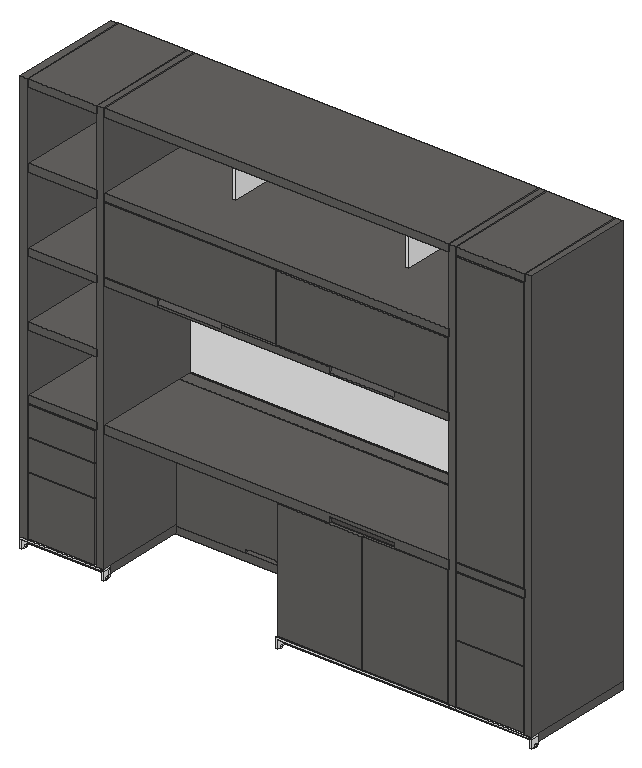
Revit family "Storage-Wall-Teknion-ZXOS_90_High_With_Lights-R2011", category Furniture Systems, Revit 2013
Parameters (values of type "(See Type Catalog)")
  Working Wall Finish [instance] = Glass - Teknion - K6 - White Backpainted
  Width = 108 105/128"
  Warranty = "http://www.teknionstudio.com/pdfs/Teknion%20Studio%20Warranty.pdf"
  Wall Unit Finish [instance] = Veneer - Teknion - P7 - Grey Oak
  Voltage = 120 V
  Unit Weight = 820.00 lbf
  URL = "www.teknionstudio.com"
  Tabletop Cutout Offset = if(Has Double Doors, 0", 4")  # 0"
  Right Storage Tower = Storage-Unit-Teknion-Tower : Upper Wardrobe & File/File Pedestal
  Left Storage Tower = Storage-Unit-Teknion-Tower : Upper Shelves & Box/Box/File Pedestal
  Series = "B&B Italia"
  Product Page URL = "http://www.teknionstudio.com/acexecutive/"
  Product Line = "AC Executive"
  Product Documentation Link = "http://www.teknionstudio.com/pricing/ac_executive_storage_walls_ppg.pdf"
  Power Factor = 1
  Part Number = "ZXOS"
  Number of Poles = 1
  Model = ""
  Manufacturer Phone = "919-464-2920"
  Manufacturer Fax = "919-464-2927"
  Manufacturer Email = "customersupport@teknionstudio.com"
  Manufacturer Address = "3940 US 70 Business HWY West, Clayton, NC 27520"
  Manufacturer = "Teknion Studio"  # constant formula
  Low Emitting Material = yes
  Low Emitting Finish = yes
  Height = 89 123/128"
  Has File File Drawers = not(Has Double Doors)  # no
  Has Double Doors = yes
  Description = ""
  Depth = 24"
  Assembly Code = "E2020200"
  Apparent Load = 22.8 VA
Reference planes (in)
  plane 1 "Center F/B": y = 0
  plane 2: z = 0
  plane 3 "Back": y = 12
  plane 4 "Front": y = -12
  plane 5 "Doors Top": z = 73.80469
  plane 6: x = 28.60504
  plane 7: z = 29.68402
  plane 8: z = 56.1289
  plane 9: x = -44.78207
  plane 10: z = 2.1289
  plane 11 "Center L/R": x = -8.08858
  plane 12 "Foot Centerline": y = -11.2126
  plane 13 "Tabletop Cutout": y = -12
  plane 14 "Foot Centerline Front": y = -10.22835
  plane 15 "Foot Centerline Back": y = 10.22835
  plane 16: y = -8.484
  plane 17 "Left": x = -62.49874
  plane 18 "Center": x = -16.17717
  plane 19 "Right": x = 46.32157
  plane 20 "Top": z = 89.96094
Forms (in)
  Sweep 1, solid, material "Metal - Teknion - C6 - Chrome"
    path origin (0, 0, 0) x (1, 0, 0) y (0, 0, 1)
      loop
        line (-8.08858, 0.05803) -> (-8.08858, 2.1289) -> (28.60504, 2.1289)
    profile origin (10.25823, 0, 2.1289) x (0, 0, 1) y (0, -1, 0)
      loop
        line (0, 12) -> (-0.394, 12) -> (-0.394, 10.4252) -> (0, 10.4252) -> (0, 12)
  Sweep 2, solid, material "Metal - Teknion - C6 - Chrome"
    path origin (0, 0, 0) x (1, 0, 0) y (0, 0, 1)
      loop
        line (-8.08858, 2.1289) -> (28.60504, 2.1289)
    profile origin (10.25823, 0, 2.1289) x (0, 0, 1) y (0, -1, 0)
      loop
        line (-0.394, 10.6222) -> (-1.5748, 10.6222) -> (-1.5748, 10.4252) -> (-0.394, 10.4252) -> (-0.394, 10.6222)
  Revolve 3, solid, material "Metal - Teknion - C6 - Chrome"
    sketch origin (0.39385, -11.2126, 0) x (0, 0, -1) y (1, 0, 0)
      loop
        line (-0.4911, -8.28543) -> (-0.4911, -8.62008) -> (-0.45173, -8.65945) -> (-0.28492, -8.65945) -> (-0.24555, -8.62008) -> (-0.20618, -8.65945) -> (-0.03937, -8.65945) -> (0, -8.62008) -> (0, -8.28543) -> (-0.4911, -8.28543)
      axis (0, -8.28543) -> (-0.4911, -8.28543)
    angle from 0 to 360
  Sweep 4, solid, material "Veneer - Teknion - P7 - Grey Oak" <- "Wall Unit Finish"
    path origin (0, 0, 0) x (1, 0, 0) y (0, 0, 1)
      loop
        line (-44.78207, 29.68402) -> (28.60504, 29.68402)
    profile origin (-8.08852, 0, 29.68402) x (0, 0, 1) y (0, -1, 0)
      loop
        line (0, 12) -> (-1.7638, 12) -> (-1.7638, -7.11393) -> (-5.30827, -7.11393) -> (-5.30827, -7.08268) -> (-27.55512, -7.08268) -> (-27.55512, -7.11393) -> (-29.0945, -7.11393) -> (-29.0945, -12) -> (-27.55512, -12) -> (-27.55512, -7.80668) -> (-5.30828, -7.80668) -> (-5.30828, -12) -> (44.12067, -12) -> (44.12067, 12) -> (42.58097, 12) -> (42.58097, 11.2126) -> (27.98392, 11.2126) -> (27.98392, 12) -> (26.44488, 12) -> (26.44488, -10.94094) -> (0, -10.94094) -> (0, -10.90969) -> (-0.72441, -10.90969) -> (-0.72441, -10.56693) -> (0, -10.56693) -> (0, -8.05709) -> (-0.72441, -8.05709) -> (-0.72441, -7.80709) -> (0, -7.80709) -> (0, 12)
      loop
        line (60.27692, -12) -> (60.27692, 12) -> (58.73755, 12) -> (58.73755, -12) -> (60.27692, -12)
  Sweep 5, solid, material "Veneer - Teknion - P7 - Grey Oak" <- "Wall Unit Finish"
    path origin (0, 0, 0) x (1, 0, 0) y (0, 0, 1)
      loop
        line (-8.08858, 29.68402) -> (28.60504, 29.68402)
    profile origin (10.25823, 0, 29.68402) x (0, 0, 1) y (0, -1, 0)
      loop
        line (-1.7638, 11.27559) -> (-27.55512, 11.27559) -> (-27.55512, 10.4252) -> (-29.0945, 10.4252) -> (-29.0945, -12) -> (-1.7638, -12) -> (-1.7638, 11.27559)
  Sweep 6, solid, material "Veneer - Teknion - P7 - Grey Oak" <- "Wall Unit Finish"
    path origin (0, 0, 15.40683) x (-1, 0, 0) y (0, -1, 0)
      loop
        line (16.17717, 12) -> (16.17717, 11.276)
    profile origin (-16.17717, -11.638, 15.40683) x (-1, 0, 0) y (0, 0, 1)
      loop
        line (28.35376, 42.50186) -> (28.35376, 56.60815) -> (-7.96416, 56.60815) -> (-7.96416, 42.50186) -> (28.35376, 42.50186)
      loop
        line (-8.21416, 56.60815) -> (-44.5322, 56.60815) -> (-44.5322, 42.50186) -> (-8.21416, 42.50186) -> (-8.21416, 56.60815)
  Sweep 7, solid, material "Veneer - Teknion - P7 - Grey Oak" <- "Wall Unit Finish", visible <- "Has Double Doors"
    path origin (0, 0, 15.40683) x (-1, 0, 0) y (0, -1, 0)
      loop
        line (16.17717, 12) -> (16.17717, 11.276)
    profile origin (-16.17717, -11.638, 15.40683) x (-1, 0, 0) y (0, 0, 1)
      loop
        line (-44.5315, 12.26339) -> (-44.5315, -13.03482) -> (-26.54031, -13.03482) -> (-26.54031, 12.26339) -> (-44.5315, 12.26339)
      loop
        line (-26.29031, 12.26339) -> (-26.29031, -13.03482) -> (-8.33858, -13.03482) -> (-8.33858, 12.26339) -> (-26.29031, 12.26339)
  Sweep 8, solid, material "Veneer - Teknion - P7 - Grey Oak" <- "Wall Unit Finish", visible <- "Has File File Drawers"
    path origin (0, 0, 15.40683) x (-1, 0, 0) y (0, -1, 0)
      loop
        line (16.17717, 12) -> (16.17717, 11.276)
    profile origin (-16.17717, -11.638, 15.40683) x (-1, 0, 0) y (0, 0, 1)
      loop
        line (-44.5315, 12.26339) -> (-44.5315, 0.01144) -> (-8.33858, 0.01144) -> (-8.33858, 12.26339) -> (-44.5315, 12.26339)
      loop
        line (-8.33858, -0.77597) -> (-44.5315, -0.77597) -> (-44.5315, -13.03482) -> (-8.33858, -13.03482) -> (-8.33858, -0.77597)
  Sweep 9, void
    path origin (0, 0, 0) x (1, 0, 0) y (0, 0, 1)
      loop
        line (3.34896, 29.68402) -> (17.12848, 29.68402)
    profile origin (10.23872, 0, 29.68402) x (0, 0, 1) y (0, -1, 0)
      loop
        line (-1.7638, 12) -> (-1.7638, 11.52756) -> (-0.66143, 12) -> (-1.7638, 12)
  Sweep 10, void
    path origin (0, 0, 0) x (1, 0, 0) y (0, 0, 1)
      loop
        line (-33.3248, 56.1289) -> (-19.54528, 56.1289)
    profile origin (-26.43504, 0, 56.1289) x (0, 0, 1) y (0, -1, 0)
      loop
        line (1.53937, 12) -> (0.43699, 12) -> (1.53937, 11.52755) -> (1.53937, 12)
  Sweep 11, void
    path origin (0, 0, 0) x (1, 0, 0) y (0, 0, 1)
      loop
        line (3.36811, 56.1289) -> (17.14764, 56.1289)
    profile origin (10.25787, 0, 56.1289) x (0, 0, 1) y (0, -1, 0)
      loop
        line (1.53937, 11.52755) -> (1.53937, 12) -> (0.43699, 12) -> (1.53937, 11.52755)
  Sweep 12, void
    path origin (0, 0, 15.40683) x (-1, 0, 0) y (0, -1, 0)
      loop
        line (0, -7.80668) -> (0, -7.08268)
    profile origin (0, 7.44468, 15.40683) x (1, 0, 0) y (0, 0, 1)
      loop
        line (-29.86024, 8.96892) -> (-29.86024, 8.10396)
        arc (-29.86024, 8.10396) -> (-29.62961, 7.54718) -> (-29.07283, 7.31655) r 0.7874
        line (-29.07283, 7.31655) -> (-23.75787, 7.31655)
        arc (-23.75787, 7.31655) -> (-23.2011, 7.54718) -> (-22.97047, 8.10396) r 0.7874
        line (-22.97047, 8.10396) -> (-22.97047, 8.96892) -> (-29.86024, 8.96892)
      loop
        line (-22.97047, -13.27793) -> (-22.97047, -13.12045)
        arc (-22.97047, -13.12045) -> (-23.18957, -12.59152) -> (-23.7185, -12.37242) r 0.74803
        line (-23.7185, -12.37242) -> (-29.1122, -12.37242)
        arc (-29.1122, -12.37242) -> (-29.64114, -12.59152) -> (-29.86024, -13.12045) r 0.74803
        line (-29.86024, -13.12045) -> (-29.86024, -13.27793) -> (-22.97047, -13.27793)
  Sweep 13, solid, material "Acrylic - Teknion - Clear"
    path origin (0.93574, 0, 38.14576) x (-1, 0, 0) y (0, -1, 0)
      loop
        line (9.02433, -11.25197) -> (9.02433, 0.16535)
    profile origin (-8.08858, 5.54331, 38.14576) x (1, 0, 0) y (0, 0, 1)
      loop
        line (-18.65699, 50.26562) -> (-18.65699, 35.65893) -> (-18.0625, 35.65893) -> (-18.0625, 50.26562) -> (-18.65699, 50.26562)
      loop
        line (18.0625, 50.26562) -> (18.0625, 35.65893) -> (18.65699, 35.65893) -> (18.65699, 50.26562) -> (18.0625, 50.26562)
Cuts and joins
  joined: Sweep 1, Sweep 2, Revolve 3
  Sweep 9, Sweep 10, Sweep 11, Sweep 12 cuts Sweep 4
Lines and regions (in)
  Masking region 1
    outline origin (0, 0, 15.40683) x (-1, 0, 0) y (0, -1, 0)
      loop
        line (44.78207, -12) -> (44.78207, 12) -> (-28.60504, 12) -> (-28.60504, -12) -> (44.78207, -12)
  symbolic lines, style "Elevation Swing"
    curve 1: line (-44.78207, -12, 57.66827) -> (-26.43533, -12, 72.01499)
    curve 2: line (-8.08858, -12, 57.66832) -> (-26.43533, -12, 72.01499)
    curve 3: line (-8.08858, 0, 57.66832) -> (10.25823, 0, 72.18658)
    curve 4: line (10.25823, 0, 72.18658) -> (28.60504, 0, 57.66827)
  symbolic lines, style "Elevation Swing", visible <- "Has Double Doors"
    curve 5: line (10.11315, 0, 27.67022) -> (-7.83858, 0, 15.02111)
    curve 6: line (-7.83858, 0, 15.02111) -> (10.11315, 0, 2.37201)
    curve 7: line (10.36315, 0, 2.37201) -> (28.3549, 0, 15.02456)
    curve 8: line (28.3549, 0, 15.02456) -> (10.36315, 0, 27.67022)
  symbolic lines, detail levels medium+fine
    curve 9: line (-8.08858, 12, 15.40683) -> (-8.08858, -12, 15.40683)
  symbolic lines, style "FurnitureSystemsHiddenLines", detail levels fine
    curve 10: line (28.6049, -11.276, 15.40683) -> (-8.08858, -11.276, 15.40683)
    curve 15: line (28.6049, 12, 15.40683) -> (28.6049, -12, 15.40683)
  symbolic lines, visible <- "Has Double Doors"
    curve 11: arc (10.25823, -12, 15.40683) -> (15.63184, -24.97306, 15.40683) -> (28.6049, -30.34668, 15.40683) r 18.34668
    curve 12: line (-8.08858, -12, 15.40683) -> (-8.08858, -30.34681, 15.40683)
    curve 13: line (28.6049, -12, 15.40683) -> (28.6049, -30.34668, 15.40683)
    curve 14: arc (-8.08858, -30.34681, 15.40683) -> (4.88457, -24.97315, 15.40683) -> (10.25823, -12, 15.40683) r 18.34681
Dimensions and locks (in)
  equal spacing: plane 3 "Back", plane 1 "Center F/B", plane 4 "Front"
  "Depth": plane 3 "Back" to plane 4 "Front"
  "Height": plane 20 "Top" to plane 2
  locked: plane 7 to plane 2 at 29.68402
  locked: plane 8 to plane 7 at 26.44488
  locked: plane 10 to plane 2 at 2.1289
  locked: plane 10 to Sweep 2 sketch curve at 0.394
  locked: Sweep 2 sketch curve to Sweep 2 sketch curve at 1.1808
  plane 4 "Front" to Sweep 2 sketch curve to Sweep 2 sketch curve = 1.3778" locked, 0.197" locked
  locked: Revolve 3 sketch curve to plane 2 at 0.4911
  plane 11 "Center L/R" to Revolve 3 sketch curve = 0.17702"  (x2)
  Revolve 3 sketch curve to Revolve 3 sketch curve to Revolve 3 sketch curve to Revolve 3 sketch curve to Revolve 3 sketch curve to plane 2 = 0.16681" locked, 0.03937" locked, 0.03937" locked, 0.16681" locked, 0.03937" locked
  Revolve 3 sketch curve to plane 11 "Center L/R" = 0.197"
  locked: plane 4 "Front" to plane 12 "Foot Centerline" at 0.7874
  locked: plane 10 to Sweep 4 sketch curve at 1.53939
  locked: plane 7 to Sweep 4 sketch curve at 1.7638
  Sweep 5 sketch curve to Sweep 5 sketch curve to plane 3 "Back" = 23.27559", 0"
  locked: plane 7 to Sweep 5 sketch curve at 1.7638
  locked: plane 4 "Front" to Sweep 5 sketch curve at 1.5748
  locked: plane 4 "Front" to Sweep 6 sketch curve at 0.724
  plane 5 "Doors Top" to Sweep 6 sketch curve to Sweep 6 sketch curve = 1.7897" locked, 14.1063" locked  (x2)
  Sweep 6 sketch curve to Sweep 6 sketch curve to Sweep 6 sketch curve to Sweep 6 sketch curve = 36.31805", 1/4", 36.31791"
  locked: plane 4 "Front" to Sweep 7 sketch curve at 0.724
  locked: plane 4 "Front" to Sweep 8 sketch curve at 0.724
  locked: Sweep 9 sketch curve to Sweep 9 sketch curve at 13.77953
  locked: plane 7 to Sweep 9 sketch curve at 1.7638
  locked: plane 13 "Tabletop Cutout" to Sweep 9 sketch curve at 0.47244
  "Tabletop Cutout Offset": plane 13 "Tabletop Cutout" to plane 4 "Front"
  locked: Sweep 10 sketch curve to Sweep 10 sketch curve at 13.77953
  locked: Sweep 10 sketch curve to plane 8 at 1.53937
  locked: Sweep 10 sketch curve to plane 8 at 0.43699
  locked: plane 4 "Front" to Sweep 10 sketch curve at 0.47245
  Sweep 11 sketch curve to Sweep 11 sketch curve to plane 8 = 1.10238" locked, 0.43699" locked
  locked: plane 4 "Front" to Sweep 11 sketch curve at 0.47245
  plane 3 "Back" to Sweep 12 sketch curve to Sweep 12 sketch curve = 4.19332" locked, 0.724" locked
  equal spacing: plane 11 "Center L/R", curve 2, plane 9
  equal spacing: plane 6, curve 4, plane 11 "Center L/R"
  plane 4 "Front" to curve 10 = 0.724"
  locked: plane 3 "Back" to plane 15 "Foot Centerline Back" at 1.77165
  locked: plane 4 "Front" to plane 14 "Foot Centerline Front" at 1.77165
  locked: plane 4 "Front" to plane 16 at 3.516
  locked: plane 17 "Left" to plane 9 at 17.71667
  locked: Sweep 7 sketch curve to Sweep 7 sketch curve at 25.29821  (x2)
  Sweep 7 sketch curve to Sweep 7 sketch curve to Sweep 7 sketch curve to Sweep 7 sketch curve = 17.95173" locked, 1/4" locked, 17.99118" locked
  Sweep 8 sketch curve to Sweep 8 sketch curve to Sweep 8 sketch curve to Sweep 8 sketch curve = 12.25195" locked, 0.7874" locked, 12.25886" locked
  locked: Sweep 8 sketch curve to Sweep 8 sketch curve at 36.19291  (x2)
  equal spacing: curve 12, curve 14, plane 6
  locked: Sweep 12 sketch curve to Sweep 12 sketch curve at 6.88976  (x2)
  locked: Sweep 12 sketch curve to Sweep 12 sketch curve at 1.65236
  locked: Sweep 1 sketch curve to plane 2 at 0.05803
  locked: plane 6 to Sweep 9 sketch curve at 11.47655
  locked: plane 11 "Center L/R" to Sweep 10 sketch curve at 11.45669
  Sweep 11 sketch curve to Sweep 11 sketch curve to plane 11 "Center L/R" = 13.77953" locked, 11.45669" locked
  locked: Sweep 12 sketch curve to plane 11 "Center L/R" at 14.88189
  locked: plane 11 "Center L/R" to Sweep 12 sketch curve at 14.88189
  locked: plane 11 "Center L/R" to Sweep 8 sketch curve at 0.25
  locked: Sweep 8 sketch curve to plane 11 "Center L/R" at 0.25
  locked: plane 7 to Sweep 8 sketch curve at 2.0138
  locked: Sweep 7 sketch curve to plane 11 "Center L/R" at 0.25
  locked: plane 7 to Sweep 7 sketch curve at 2.0138  (x2)
  locked: plane 18 "Center" to plane 11 "Center L/R" at 8.08858
  locked: Sweep 6 sketch curve to plane 6 at 0.25
  locked: Revolve 3 sketch curve to plane 11 "Center L/R" at 0.197
  locked: plane 6 to plane 19 "Right" at 17.71654
  "Width": plane 17 "Left" to plane 19 "Right"
  equal spacing: plane 17 "Left", plane 11 "Center L/R", plane 19 "Right"
  plane 20 "Top" to plane 5 "Doors Top" = 16 5/32"
  locked: Sweep 13 sketch curve to Sweep 13 sketch curve at 11.41732
  locked: Sweep 13 sketch curve to Sweep 13 sketch curve at 0.59449  (x2)
  locked: plane 3 "Back" to Sweep 13 sketch curve at 0.74803
  locked: Sweep 13 sketch curve to plane 11 "Center L/R" at 18.0625
  equal spacing: Sweep 13 sketch curve, plane 11 "Center L/R", Sweep 13 sketch curve
  locked: Sweep 13 sketch curve to plane 5 "Doors Top" at 14.60669  (x2)
  locked: plane 20 "Top" to Sweep 4 sketch curve at 1.53937
  locked: plane 5 "Doors Top" to Sweep 4 sketch curve at 1.5397
  locked: Sweep 4 sketch curve to plane 8 at 1.53904
  aligned and locked: level to plane 2
  aligned and locked: Sweep 1 sketch curve to plane 10  (x2)
  aligned and locked: Sweep 1 sketch curve to plane 4 "Front"
  aligned and locked: Sweep 2 sketch curve to plane 10
  aligned and locked: plane 2 to Revolve 3 sketch curve
  aligned and locked: Revolve 3 sketch curve to plane 2
  aligned and locked: plane 9 to Sweep 4 sketch curve
  aligned and locked: plane 6 to Sweep 4 sketch curve
  aligned and locked: Sweep 4 sketch curve to plane 7  (x4)
  aligned and locked: Sweep 4 sketch curve to plane 4 "Front"  (x2)
  aligned and locked: plane 3 "Back" to Sweep 4 sketch curve  (x3)
  aligned and locked: Sweep 5 sketch curve to plane 7
  aligned and locked: plane 10 to Sweep 5 sketch curve
  aligned and locked: plane 4 "Front" to Sweep 6 sketch curve
  aligned and locked: Sweep 4 sketch curve to plane 8
  aligned and locked: plane 4 "Front" to Sweep 7 sketch curve
  aligned and locked: plane 4 "Front" to Sweep 8 sketch curve
  aligned and locked: Sweep 9 sketch curve to plane 7
  aligned and locked: plane 13 "Tabletop Cutout" to Sweep 9 sketch curve
  aligned and locked: Sweep 10 sketch curve to plane 8
  aligned and locked: Sweep 11 sketch curve to plane 8
  aligned and locked: Sweep 11 sketch curve to plane 4 "Front"
  aligned and locked: plane 9 to curve 1
  aligned and locked: plane 11 "Center L/R" to curve 2
  aligned and locked: Sweep 6 to curve 2
  aligned and locked: plane 6 to curve 4
  aligned and locked: Masking region 1 sketch curve to plane 3 "Back"
  aligned and locked: Masking region 1 sketch curve to plane 4 "Front"
  aligned and locked: plane 3 "Back" to curve 9
  aligned and locked: plane 4 "Front" to curve 9
  aligned and locked: plane 3 "Back" to curve 15
  aligned and locked: plane 4 "Front" to curve 15
  aligned and locked: plane 4 "Front" to Sweep 10 sketch curve
  aligned and locked: Sweep 4 sketch curve to plane 5 "Doors Top"
  aligned and locked: plane 12 "Foot Centerline" to Sweep 4 sketch curve
  aligned and locked: plane 4 "Front" to Sweep 4 sketch curve  (x2)
  aligned and locked: plane 4 "Front" to curve 14
  aligned: plane 8 to nested 1
  aligned: plane 11 "Center L/R" to nested 1
  aligned and locked: nested 1 to plane 16
  aligned and locked: plane 8 to nested 1
  aligned and locked: plane 11 "Center L/R" to nested 1
  aligned and locked: Sweep 1 sketch curve to plane 11 "Center L/R"
  aligned and locked: plane 11 "Center L/R" to Sweep 2 sketch curve
  aligned and locked: plane 10 to Sweep 12 sketch curve
  aligned and locked: plane 9 to Masking region 1 sketch curve
  aligned and locked: Sweep 7 sketch curve to plane 18 "Center"
  aligned and locked: plane 1 "Center F/B" to Sweep 5 sketch curve
  aligned and locked: plane 11 "Center L/R" to Sweep 5 sketch curve
  aligned and locked: plane 6 to Sweep 5 sketch curve
  aligned and locked: Sweep 8 sketch curve to plane 18 "Center"
  aligned and locked: Sweep 6 sketch curve to plane 18 "Center"
  aligned and locked: nested 2 to plane 2
  aligned and locked: Sweep 7 to curve 7
  aligned and locked: curve 6 to Sweep 7
  aligned and locked: curve 8 to Sweep 7
  aligned and locked: Sweep 7 to curve 5
  aligned and locked: Sweep 7 to Sweep 7  (x3)
  aligned and locked: Sweep 7 to curve 6
  aligned and locked: curve 7 to Sweep 7
  aligned and locked: Sweep 7 to curve 8
  aligned and locked: Revolve 3 sketch curve to Revolve 3 sketch curve
  aligned and locked: plane 9 to nested 2
  aligned and locked: nested 2 to plane 1 "Center F/B"
  aligned and locked: Masking region 1 sketch curve to plane 6
  aligned and locked: plane 1 "Center F/B" to nested 3
  aligned and locked: nested 3 to plane 6
  aligned and locked: plane 2 to nested 3
  aligned and locked: plane 6 to Sweep 1 sketch curve
  aligned and locked: Sweep 13 sketch curve to plane 11 "Center L/R"
  aligned and locked: plane 5 "Doors Top" to Sweep 13 sketch curve  (x2)
  aligned and locked: Sweep 4 sketch curve to plane 20 "Top"
  aligned and locked: plane 6 to Sweep 2 sketch curve
  aligned and locked: Sweep 4 sketch curve to plane 10
Automatic sketch dimensions
  curve 9 to plane 11 "Center L/R" = 0"
  curve 11 to plane 6 = 0.00013"
  curve 11 to curve 14 = 0"
  plane 8 to curve 2 = 1.53942"
  plane 8 to curve 1 = 1.53937"
  profile plane to Sweep 1 sketch curve = 0.394"
  Sweep 1 sketch curve to Sweep 1 sketch curve = 1.5748"
  Sweep 5 sketch curve to plane 11 "Center L/R" = 0"
  Sweep 5 sketch curve to plane 6 = 0"
  Sweep 5 sketch curve to Sweep 5 sketch curve = 1.53939"
  profile plane to Sweep 9 sketch curve = 0.66143"
  profile plane to Sweep 12 sketch curve = 8.96892"
  Sweep 12 sketch curve to Sweep 12 sketch curve = 0.74803"  (x2)
  Sweep 12 sketch curve to Sweep 12 sketch curve = 0.7874"  (x2)
  Sweep 12 sketch curve to Sweep 12 sketch curve = 0.15748"
  plane 11 "Center L/R" to Sweep 12 sketch curve = 8.08858"
  curve 3 to plane 11 "Center L/R" = 0"
  curve 8 to plane 6 = 0.25013"
  curve 8 to curve 5 = 0"
  plane 10 to curve 8 = 12.89566"
  plane 10 to curve 6 = 12.89222"
  plane 10 to curve 6 = 0.24311"
  plane 8 to curve 4 = 1.53937"
  plane 8 to curve 3 = 1.53942"
  curve 3 to plane 5 "Doors Top" = 1.61811"
  Revolve 3 sketch curve to Revolve 3 sketch curve = 0.4777"
  Revolve 3 sketch curve to Revolve 3 sketch curve = 0.03937"  (x2)
  Sweep 4 sketch curve to Sweep 4 sketch curve = 0"  (x2)
  profile plane to Sweep 4 sketch curve = 5.30828"
  profile plane to Sweep 4 sketch curve = 0.72441"
  Sweep 4 sketch curve to Sweep 4 sketch curve = 0.72441"
  Sweep 4 sketch curve to Sweep 4 sketch curve = 1.05906"
  Sweep 4 sketch curve to Sweep 4 sketch curve = 1/32"  (x2)
  Sweep 4 sketch curve to Sweep 4 sketch curve = 0.34277"
  Sweep 4 sketch curve to Sweep 4 sketch curve = 2.50984"
  Sweep 4 sketch curve to Sweep 4 sketch curve = 1/4"
  Sweep 4 sketch curve to Sweep 4 sketch curve = 4.19332"
  Sweep 4 sketch curve to Sweep 4 sketch curve = 0.69316"
  Sweep 4 sketch curve to Sweep 4 sketch curve = 0.69275"
Nested families (in)
  nested 1: "Lighting-Teknion-Storage_Wall" at (-8.08858, 0.12401, 56.1289), type "Lighting-Teknion-Storage_Wall"
  nested 2: "Storage-Unit-Teknion-Tower" at (-53.64034, 0, 0) x (-1, 0, 0) z (0, 0, 1), type <- "Left Storage Tower", Height <- "Height", type "Upper Shelves & Box/Box/File Pedestal"
    with Height 89 123/128", Has Top Shelf yes, Has Right Leg yes, Has Left Leg yes, Bottom Drawer Height 13.047"
  nested 3: "Storage-Unit-Teknion-Tower" at (37.46331, 0, 0), type <- "Right Storage Tower", Height <- "Height", type "Upper Wardrobe & File/File Pedestal"
    with Height 89 123/128", Has Top Shelf no, Has Right Leg yes, Has Left Leg no, Bottom Drawer Height 13.047"
Connectors (in)
  electrical at (-8.08852, 12, 49.09021), driven by "Number of Poles", driven by "Voltage", driven by "Apparent Load", driven by "Power Factor"
    settings: on cut or joined group of Sweep 4, Sweep 9, Sweep 10, Sweep 11, Sweep 12, index 1, voltage 120 V, apparent load 0 VA, apparent load phase1 22.8 VA, apparent load phase2 0 VA, apparent load phase3 0 VA, power factor 1, load classification "Other", number of poles 1, system type 31, power factor state 1, is connector primary yes, connector utility no, sub classification motor no, connector description "Electrical Connector"
Definition of nested family "Lighting-Teknion-Storage_Wall"
  Parameters (values of type "Lighting-Teknion-Storage_Wall")
    Wattage = 4.03926 W
    built-in parameter 1150110 = 1 (stored number, unit not read)
    built-in parameter 1114217 = 1 (stored number, unit not read)
    built-in parameter 1150109 = 1 (stored number, unit not read)
    built-in parameter 1150134 = 1
    built-in parameter 1150113 = 1 (stored number, unit not read)
    Offset From Reference Level = 0"
    Lumens = 600 lm
    built-in parameter 1150115 = 1 (stored number, unit not read)
    built-in parameter 1150105 = 190.99 (stored number, unit not read)
    Light Source Symbol Size = 3"
    built-in parameter 1150137 = (empty or 0)
    built-in parameter 1150139 = (empty or 0)
    built-in parameter 1150112 = 1 (stored number, unit not read)
    built-in parameter 1150114 = 1 (stored number, unit not read)
    built-in parameter 1150132 = 2
    built-in parameter 1150102 = (empty or 0)
    built-in parameter 1150138 = (empty or 0)
    built-in parameter 1150107 = 6500 (stored number, unit not read)
    built-in parameter 1150106 = 1.9099 (stored number, unit not read)
    Emit from Line Length = 68"
    built-in parameter 1150104 = 13.8 (stored number, unit not read)
    Dimming Lamp Color Temperature Shift = 1
    Default Elevation = 48"
    Color Filter = 16776172
    built-in parameter 1114218 = 1 (stored number, unit not read)
    built-in parameter 1150133 = 10 (stored number, unit not read)
    Assembly Code = ""
  Reference planes (in)
    plane 1 "Light Source Axis (F/B)": y = -8.60801
    plane 2: z = 0
    plane 3 "Light Source Axis (L/R)": x = 0
    plane 4 "Light Source Elevation": z = 0
    plane 5: z = 0
    plane 6: x = -36.6875
    plane 7: x = 36.6875
  Forms (in)
    Sweep 1, solid, material "Glass - Teknion - CL - Clear"
      path origin (0, 0, 0) x (1, 0, 0) y (0, 1, 0)
        loop
          line (-36.6875, -8.60801) -> (36.6875, -8.60801)
      profile origin (0, -8.60801, 0) x (0, 1, 0) y (0, 0, 1)
        loop
          line (-0.51562, 0) -> (-0.51562, -0.40625) -> (0.51563, -0.40625) -> (0.51563, 0) -> (-0.51562, 0)
  Dimensions and locks (in)
    equal spacing: plane 7, plane 3 "Light Source Axis (L/R)", plane 6
    locked: plane 7 to plane 6 at 73.375
    locked: plane 5 to Sweep 1 sketch curve at 0.40625
    equal spacing: Sweep 1 sketch curve, plane 1 "Light Source Axis (F/B)", Sweep 1 sketch curve
    locked: Sweep 1 sketch curve to Sweep 1 sketch curve at 1.03125
    aligned and locked: plane 3 "Light Source Axis (L/R)" to imposter light
    aligned and locked: plane 1 "Light Source Axis (F/B)" to imposter light
    aligned and locked: plane 4 "Light Source Elevation" to imposter light
    aligned and locked: level to plane 5
    aligned and locked: plane 5 to plane 2
    aligned and locked: plane 6 to Sweep 1 sketch curve
    aligned and locked: plane 7 to Sweep 1 sketch curve
    aligned and locked: plane 1 "Light Source Axis (F/B)" to Sweep 1 sketch curve
    aligned and locked: Sweep 1 sketch curve to profile plane
Definition of nested family "Storage-Unit-Teknion-Tower"
  Parameters (values of type "Upper Wardrobe & Lower Door")
    Width = 17.71654"
    Warranty = "http://www.teknionstudio.com/pdfs/Teknion%20Studio%20Warranty.pdf"
    Wall Unit Finish = Veneer - Teknion - P8 - Light Brushed Oak
    URL = "www.teknionstudio.com"
    Series = "B&B Italia"  # constant formula
    Product Line = "AC Executive"  # constant formula
    Model = ""
    Middle Drawer Height = if(Has Top Drawer, 6.425", 12.719")  # 12.719"
    Manufacturer Phone = "919-464-2920"
    Manufacturer Fax = "919-464-2927"
    Manufacturer Email = "customersupport@teknionstudio.com"
    Manufacturer Address = "3940 US 70 Business HWY West, Clayton, NC 27520"
    Manufacturer = "Teknion Studio"  # constant formula
    Height [instance] = 73.81394"
    Has Top Shelf [instance] = and(Height > 75", Has Shelves)  # no
    Has Top Drawer = no
    Has Top Door = yes
    Has Shelves = no
    Has Right Leg [instance] = yes
    Has Middle Drawer = no
    Has Lower Shelf = yes
    Has Left Leg [instance] = no
    Has Full Wardrobe Door = no
    Has Doors = yes
    Door Projection Symbol = yes
    Description = "Tower Storage Unit"
    Depth = 24"
    Bottom Drawer Height [instance] = if(Has Middle Drawer, 13.047", if(Has Top Drawer, 13.047", if(Has Full Wardrobe Door, (Height - 3.668"), 26.016")))  # 26.016"
    Assembly Code = "E2010200"
  Types (7): name | Middle Drawer Height | Has Top Drawer | Has Top Door | Has Shelves | Has Middle Drawer | Has Lower Shelf | Has Full Wardrobe Door | Has Doors | Door Projection Symbol | Bottom Drawer Height
    Upper Shelves & Lower Door | 12.719" | no | no | yes | no | yes | no | yes | yes | 26.016"
    Upper Shelves & File/File Pedestal | 12.719" | no | no | yes | yes | yes | no | no | no | 13.047"
    Upper Shelves & Box/Box/File Pedestal | 6.425" | yes | no | yes | yes | yes | yes | no | no | 13.047"
    Full Wardrobe | 12.719" | no | no | no | no | no | yes | yes | yes | 70.14594"
    Upper Wardrobe & Lower Door | 12.719" | no | yes | no | no | yes | no | yes | yes | 26.016"
    Upper Wardrobe & File/File Pedestal | 12.719" | no | yes | no | yes | yes | no | no | yes | 13.047"
    Upper Wardrobe & Box/Box/File Pedestal | 6.425" | yes | yes | no | yes | yes | no | no | yes | 13.047"
  Reference planes (in)
    plane 1 "Center F/B": y = 0
    plane 2: z = 0
    plane 3 "Center L/R": x = 0
    plane 4 "Left": x = -8.85827
    plane 5 "Right": x = 8.85827
    plane 6 "Back": y = 12
    plane 7 "Front": y = -12
    plane 8 "Top": z = 73.81394
    plane 9: x = -7.3189
    plane 10: x = 7.3189
    plane 11: z = 2.1289
    plane 12 "Foot Centerline": y = -11.2126
    plane 13: z = 29.68402
    plane 14 "Drawer 1 Top": z = 28.1449
    plane 15 "Drawer 2 Top": z = 40.8639
    plane 16 "Drawer 3 Top": z = 27.89502
    plane 17: z = 42.13677
  Forms (in)
    Sweep 1, solid, material "Metal - Teknion - C6 - Chrome", visible <- "Has Left Leg"
      path origin (0, -12, 0) x (1, 0, 0) y (0, 0, 1)
        loop
          line (-8.85827, 1.7349) -> (-8.85827, 0.05803)
      profile origin (-8.85827, -12, 0.89646) x (0, -1, 0) y (1, 0, 0)
        loop
          line (-1.5748, 0) -> (0, 0) -> (0, 0.394) -> (-1.5748, 0.394) -> (-1.5748, 0)
    Sweep 2, solid, material "Metal - Teknion - C6 - Chrome"
      path origin (0, -12, 0) x (1, 0, 0) y (0, 0, 1)
        loop
          line (-8.85827, 2.1289) -> (8.46427, 2.1289)
      profile origin (-0.197, -12, 2.1289) x (0, 0, 1) y (0, -1, 0)
        loop
          line (-0.394, -1.5748) -> (-0.394, -1.3778) -> (-1.575, -1.3778) -> (-1.575, -1.5748) -> (-0.394, -1.5748)
    Revolve 3, solid, material "Metal - Teknion - C6 - Chrome"
      sketch origin (0, -11.2126, 0) x (0, 0, -1) y (1, 0, 0)
        loop
          line (-0.4911, 8.32677) -> (-0.45173, 8.2874) -> (-0.28492, 8.2874) -> (-0.24555, 8.32677) -> (-0.20618, 8.2874) -> (-0.03937, 8.2874) -> (0, 8.32677) -> (0, 8.66142) -> (-0.4911, 8.66142) -> (-0.4911, 8.32677)
        axis (0, 8.66142) -> (-0.4911, 8.66142)
      angle from 0 to 360
    Revolve 4, solid, material "Metal - Teknion - C6 - Chrome", visible <- "Has Left Leg"
      sketch origin (0, -11.2126, 0) x (0, 0, -1) y (1, 0, 0)
        loop
          line (0, -8.99606) -> (0, -8.66142) -> (-0.4911, -8.66142) -> (-0.4911, -8.99606) -> (-0.45173, -9.03543) -> (-0.28492, -9.03543) -> (-0.24555, -8.99606) -> (-0.20618, -9.03543) -> (-0.03937, -9.03543) -> (0, -8.99606)
        axis (0, -8.66142) -> (-0.4911, -8.66142)
      angle from 0 to 360
    Sweep 5, solid, material "Veneer - Teknion - P8 - Light Brushed Oak" <- "Wall Unit Finish"
      path origin (0, 0, 0) x (1, 0, 0) y (0, 0, 1)
        loop
          line (0, 2.1289) -> (0, 73.81394)
      profile origin (0, 0, 37.97142) x (-1, 0, 0) y (0, -1, 0)
        loop
          line (8.85827, -12) -> (8.85827, 12) -> (7.3189, 12) -> (7.3189, -12) -> (8.85827, -12)
        loop
          line (-7.3189, 12) -> (-8.85827, 12) -> (-8.85827, -12) -> (-7.3189, -12) -> (-7.3189, 12)
    Sweep 6, solid, material "Veneer - Teknion - P8 - Light Brushed Oak" <- "Wall Unit Finish"
      path origin (0, 0, 15.40683) x (-1, 0, 0) y (0, -1, 0)
        loop
          line (0, -12) -> (0, 12)
      profile origin (0, 0, 15.40683) x (1, 0, 0) y (0, 0, 1)
        loop
          line (-7.3189, 58.4071) -> (-7.3189, 56.86773) -> (7.3189, 56.86773) -> (7.3189, 58.4071) -> (-7.3189, 58.4071)
    Sweep 7, solid, material "Veneer - Teknion - P8 - Light Brushed Oak" <- "Wall Unit Finish"
      path origin (0, -12, 0) x (1, 0, 0) y (0, 0, 1)
        loop
          line (0, 2.1289) -> (0, 72.27457)
      profile origin (0, -12, 37.20173) x (-1, 0, 0) y (0, -1, 0)
        loop
          line (7.3189, -24) -> (7.3189, -23.25) -> (-7.3189, -23.25) -> (-7.3189, -24) -> (7.3189, -24)
    Sweep 8, solid, material "Veneer - Teknion - P8 - Light Brushed Oak" <- "Wall Unit Finish", visible <- "Has Lower Shelf"
      path origin (0, -12, 0) x (1, 0, 0) y (0, 0, 1)
        loop
          line (-7.3189, 29.68402) -> (7.3189, 29.68402)
      profile origin (0, -12, 29.68402) x (0, 0, 1) y (0, -1, 0)
        loop
          line (0, 0) -> (-1.539, 0) -> (-1.539, -0.724) -> (-27.55512, -0.724) -> (-27.55512, -23.25) -> (0, -23.25) -> (0, 0)
    Sweep 9, solid, material "Veneer - Teknion - P8 - Light Brushed Oak" <- "Wall Unit Finish"
      path origin (0, -12, 0) x (1, 0, 0) y (0, 0, 1)
        loop
          line (0, 2.3789) -> (0, 27.8949)
      profile origin (0, -12, 15.1369) x (-1, 0, 0) y (0, -1, 0)
        loop
          line (7.0689, -0.724) -> (7.0689, 0) -> (-7.0689, 0) -> (-7.0689, -0.724) -> (7.0689, -0.724)
    Sweep 10, solid, material "Veneer - Teknion - P8 - Light Brushed Oak" <- "Wall Unit Finish", visible <- "Has Middle Drawer"
      path origin (0, -12, 0) x (1, 0, 0) y (0, 0, 1)
        loop
          line (0, 28.1449) -> (0, 40.8639)
      profile origin (0, -12, 34.5044) x (-1, 0, 0) y (0, -1, 0)
        loop
          line (7.0689, -0.724) -> (7.0689, 0) -> (-7.0689, 0) -> (-7.0689, -0.724) -> (7.0689, -0.724)
    Sweep 11, solid, material "Veneer - Teknion - P8 - Light Brushed Oak" <- "Wall Unit Finish", visible <- "Has Top Drawer"
      path origin (0, -12, 0) x (1, 0, 0) y (0, 0, 1)
        loop
          line (0, 47.15802) -> (0, 41.1139)
      profile origin (0, -12, 44.13596) x (0, -1, 0) y (1, 0, 0)
        loop
          line (0, 7.0689) -> (-0.724, 7.0689) -> (-0.724, -7.0689) -> (0, -7.0689) -> (0, 7.0689)
    Sweep 12, solid, material "Veneer - Teknion - P8 - Light Brushed Oak" <- "Wall Unit Finish", visible <- "Has Shelves"
      path origin (0, -12, 0) x (1, 0, 0) y (0, 0, 1)
        loop
          line (0, 42.13677) -> (0, 43.67614)
      profile origin (0, -12, 42.90646) x (-1, 0, 0) y (0, -1, 0)
        loop
          line (7.3189, -23.25) -> (7.3189, 0) -> (-7.3189, 0) -> (-7.3189, -23.25) -> (7.3189, -23.25)
    Sweep 13, solid, material "Veneer - Teknion - P8 - Light Brushed Oak" <- "Wall Unit Finish", visible <- "Has Shelves"
      path origin (0, -12, 13.9918) x (1, 0, 0) y (0, 0, 1)
        loop
          line (0, 42.13677) -> (0, 43.67614)
      profile origin (0, -12, 56.89825) x (-1, 0, 0) y (0, -1, 0)
        loop
          line (7.3189, -23.25) -> (7.3189, 0) -> (-7.3189, 0) -> (-7.3189, -23.25) -> (7.3189, -23.25)
    Sweep 14, solid, material "Veneer - Teknion - P8 - Light Brushed Oak" <- "Wall Unit Finish", visible <- "Has Top Door"
      path origin (0, -12, 0) x (1, 0, 0) y (0, 0, 1)
        loop
          line (0, 29.93402) -> (0, 72.02457)
      profile origin (0, -12, 50.97929) x (-1, 0, 0) y (0, -1, 0)
        loop
          line (7.0689, -0.724) -> (7.0689, 0) -> (-7.0689, 0) -> (-7.0689, -0.724) -> (7.0689, -0.724)
    Sweep 15, solid, material "Veneer - Teknion - P8 - Light Brushed Oak" <- "Wall Unit Finish"
      path origin (0, -12, 0) x (1, 0, 0) y (0, 0, 1)
        loop
          line (-8.85827, 2.1289) -> (8.85827, 2.1289)
      profile origin (0, -12, 2.1289) x (0, 0, 1) y (0, -1, 0)
        loop
          line (0, -1.5748) -> (-1.53937, -1.5748) -> (-1.53937, -24) -> (0, -24) -> (0, -1.5748)
    Sweep 16, solid, material "Veneer - Teknion - P8 - Light Brushed Oak" <- "Wall Unit Finish", visible <- "Has Top Shelf"
      path origin (0, 0, 0) x (1, 0, 0) y (0, 0, 1)
        loop
          line (0, 73.81394) -> (0, 72.27457)
      profile origin (0, 0, 73.04425) x (0, -1, 0) y (1, 0, 0)
        loop
          line (-11.25, -7.3189) -> (12, -7.3189) -> (12, 7.3189) -> (-11.25, 7.3189) -> (-11.25, -7.3189)
    Sweep 17, solid, material "Metal - Teknion - C6 - Chrome"
      path origin (0, 0, 0) x (1, 0, 0) y (0, 0, 1)
        loop
          line (-8.85827, 2.1289) -> (8.85827, 2.1289)
      profile origin (0, 0, 2.1289) x (0, 0, 1) y (0, -1, 0)
        loop
          line (0, 10.4252) -> (0, 12) -> (-0.394, 12) -> (-0.394, 10.4252) -> (0, 10.4252)
    Sweep 18, solid, material "Metal - Teknion - C6 - Chrome"
      path origin (0, 0, 0) x (1, 0, 0) y (0, 0, 1)
        loop
          line (8.85827, 1.7349) -> (8.85827, 0.05803)
      profile origin (8.85827, 0, 0.89646) x (0, -1, 0) y (1, 0, 0)
        loop
          line (10.4252, -0.394) -> (12, -0.394) -> (12, 0) -> (10.4252, 0) -> (10.4252, -0.394)
  Lines and regions (in)
    Masking region 1
      outline origin (0, 0, 15.40683) x (-1, 0, 0) y (0, -1, 0)
        loop
          line (8.85827, -12) -> (8.85827, 12) -> (-8.85827, 12) -> (-8.85827, -12) -> (8.85827, -12)
    symbolic lines, style "FurnitureSystems", detail levels medium+fine
      curve 1: line (-7.3189, 12, 15.40683) -> (-7.3189, -12, 15.40683)
      curve 2: line (7.3189, 12, 15.40683) -> (7.3189, -12, 15.40683)
    symbolic lines, style "FurnitureSystemsHiddenLines", detail levels fine
      curve 3: line (-7.3189, -11.276, 15.40683) -> (7.3189, -11.276, 15.40683)
    symbolic lines, style "Elevation Swing", visible <- "Has Doors"
      curve 4: line (-7.3189, -12, 2.1289) -> (7.3189, -12, 15.1369)
      curve 5: line (7.3189, -12, 15.1369) -> (-7.3189, -12, 28.1449)
    symbolic lines, style "Elevation Swing", visible <- "Has Top Door"
      curve 6: line (-7.3189, -12, 29.68402) -> (7.3189, -12, 50.97929)
      curve 7: line (7.3189, -12, 50.97929) -> (-7.3189, -12, 72.27457)
    symbolic lines, style "FurnitureSystems", visible <- "Door Projection Symbol"
      curve 8: arc (-7.3189, -12, 0) -> (-3.03159, -22.35048, 0) -> (7.3189, -26.6378, 0) r 14.6378
    symbolic lines, visible <- "Door Projection Symbol"
      curve 9: line (7.3189, -12, 15.40683) -> (7.3189, -26.6378, 15.40683)
  Dimensions and locks (in)
    equal spacing: plane 4 "Left", plane 3 "Center L/R", plane 5 "Right"
    "Width": plane 4 "Left" to plane 5 "Right"
    equal spacing: plane 6 "Back", plane 1 "Center F/B", plane 7 "Front"
    "Depth": plane 6 "Back" to plane 7 "Front"
    locked: plane 4 "Left" to plane 9 at 1.53937
    locked: plane 10 to plane 5 "Right" at 1.53937
    "Height": plane 8 "Top" to level
    locked: Sweep 1 sketch curve to level at 0.05803
    locked: plane 11 to plane 2 at 2.1289
    plane 11 to Sweep 2 sketch curve to Sweep 2 sketch curve = 0.394" locked, 1.181" locked
    plane 7 "Front" to Sweep 2 sketch curve to Sweep 2 sketch curve = 1.3778" locked, 0.197" locked
    locked: Revolve 3 sketch curve to plane 2 at 0.4911  (x2)
    locked: plane 5 "Right" to Revolve 3 sketch curve at 0.57087
    locked: plane 7 "Front" to plane 12 "Foot Centerline" at 0.7874
    Revolve 3 sketch curve to Revolve 3 sketch curve to Revolve 3 sketch curve to Revolve 3 sketch curve to plane 2 = 0.16681" locked, 0.07874" locked, 0.16681" locked, 0.03937" locked
    locked: Revolve 4 sketch curve to plane 2 at 0.4911  (x2)
    locked: Revolve 4 sketch curve to Revolve 4 sketch curve at 0.37402
    Revolve 4 sketch curve to Revolve 4 sketch curve to Revolve 4 sketch curve to Revolve 4 sketch curve to plane 2 = 0.16681" locked, 0.07874" locked, 0.16681" locked, 0.03937" locked
    locked: Revolve 4 sketch curve to plane 4 "Left" at 0.19685
    locked: plane 8 "Top" to Sweep 6 sketch curve at 1.53937
    locked: plane 8 "Top" to Sweep 7 sketch curve at 1.53937
    locked: plane 6 "Back" to Sweep 7 sketch curve at 0.75
    locked: plane 13 to plane 2 at 29.68402
    locked: plane 7 "Front" to Sweep 8 sketch curve at 0.724
    locked: plane 13 to Sweep 8 sketch curve at 1.539
    locked: plane 13 to plane 16 "Drawer 3 Top" at 1.789
    "Bottom Drawer Height": plane 14 "Drawer 1 Top" to plane 11
    "Middle Drawer Height": plane 15 "Drawer 2 Top" to plane 14 "Drawer 1 Top"
    locked: plane 14 "Drawer 1 Top" to Sweep 9 sketch curve at 0.25
    locked: plane 7 "Front" to Sweep 9 sketch curve at 0.724
    locked: Sweep 10 sketch curve to plane 12 "Foot Centerline" at 0.0634
    locked: plane 7 "Front" to Sweep 11 sketch curve at 0.724
    locked: plane 17 to plane 13 at 12.45276
    group 1 to group 2 = 0"  (x2)
    group 1 to group 2 = 13.9918"
    locked: Sweep 13 to plane 17 at 13.9918
    locked: plane 8 "Top" to Sweep 14 sketch curve at 1.78937
    locked: Sweep 14 sketch curve to plane 13 at 0.25
    locked: plane 7 "Front" to Sweep 14 sketch curve at 0.724
    locked: plane 11 to Sweep 15 sketch curve at 1.53937
    locked: plane 7 "Front" to Sweep 15 sketch curve at 1.5748
    equal spacing: Sweep 6, curve 7, plane 13
    equal spacing: plane 14 "Drawer 1 Top", curve 5, plane 11
    locked: plane 6 "Back" to Sweep 16 sketch curve at 0.75
    Sweep 16 sketch curve to Sweep 16 sketch curve to plane 2 = 1.53937" locked, 72.27457" locked
    locked: Sweep 9 sketch curve to plane 11 at 0.25
    locked: plane 9 to Sweep 9 sketch curve at 0.25
    locked: Sweep 9 sketch curve to plane 10 at 0.25
    locked: Sweep 11 sketch curve to plane 15 "Drawer 2 Top" at 0.25
    locked: plane 9 to Sweep 11 sketch curve at 0.25
    locked: Sweep 11 sketch curve to plane 10 at 0.25
    locked: Sweep 10 sketch curve to plane 10 at 0.25
    locked: plane 9 to Sweep 10 sketch curve at 0.25
    locked: Sweep 11 sketch curve to Sweep 11 sketch curve at 6.04412
    locked: Sweep 14 sketch curve to plane 10 at 0.25
    locked: plane 9 to Sweep 14 sketch curve at 0.25
    locked: plane 4 "Left" to Sweep 1 sketch curve at 0.394
    locked: plane 7 "Front" to Sweep 1 sketch curve at 1.5748
    locked: plane 11 to Sweep 1 sketch curve at 0.394
    locked: Sweep 17 sketch curve to plane 7 "Front" at 1.5748
    locked: plane 11 to Sweep 17 sketch curve at 0.394
    locked: Sweep 18 sketch curve to plane 2 at 0.05803
    locked: Sweep 18 sketch curve to plane 5 "Right" at 0.394
    locked: plane 7 "Front" to Sweep 18 sketch curve at 1.5748
    locked: plane 11 to Sweep 18 sketch curve at 0.394
    locked: plane 5 "Right" to Sweep 2 sketch curve at 0.394
    aligned and locked: level to plane 2
    aligned and locked: Sweep 1 sketch curve to plane 4 "Left"
    aligned and locked: Sweep 2 sketch curve to plane 11
    aligned and locked: plane 2 to Revolve 3 sketch curve
    aligned and locked: Revolve 3 sketch curve to plane 2
    aligned and locked: plane 2 to Revolve 4 sketch curve
    aligned and locked: Revolve 4 sketch curve to plane 2
    aligned and locked: plane 8 "Top" to Sweep 5 sketch curve
    aligned and locked: plane 11 to Sweep 5 sketch curve
    aligned and locked: plane 3 "Center L/R" to Sweep 5 sketch curve
    aligned and locked: Sweep 5 sketch curve to plane 6 "Back"
    aligned and locked: plane 6 "Back" to Sweep 5 sketch curve
    aligned and locked: Sweep 5 sketch curve to plane 10
    aligned and locked: plane 5 "Right" to Sweep 5 sketch curve
    aligned and locked: Sweep 5 sketch curve to plane 9
    aligned and locked: plane 4 "Left" to Sweep 5 sketch curve
    aligned and locked: Sweep 5 sketch curve to plane 7 "Front"
    aligned and locked: plane 7 "Front" to Sweep 5 sketch curve
    aligned and locked: plane 6 "Back" to Sweep 6 sketch curve
    aligned and locked: plane 7 "Front" to Sweep 6 sketch curve
    aligned and locked: Sweep 6 sketch curve to plane 3 "Center L/R"
    aligned and locked: plane 9 to Sweep 6 sketch curve
    aligned and locked: Sweep 6 sketch curve to plane 8 "Top"
    aligned and locked: Sweep 6 sketch curve to plane 10
    aligned and locked: plane 11 to Sweep 7 sketch curve
    aligned and locked: plane 3 "Center L/R" to Sweep 7 sketch curve
    aligned and locked: plane 9 to Sweep 7 sketch curve
    aligned and locked: Sweep 7 sketch curve to plane 10
    aligned and locked: Sweep 7 sketch curve to plane 6 "Back"
    aligned and locked: plane 9 to Sweep 8 sketch curve
    aligned and locked: plane 10 to Sweep 8 sketch curve
    aligned and locked: Sweep 8 sketch curve to plane 13  (x2)
    aligned and locked: plane 7 "Front" to Sweep 8 sketch curve
    aligned and locked: Sweep 8 sketch curve to plane 11
    aligned and locked: plane 3 "Center L/R" to Sweep 9 sketch curve
    aligned and locked: Sweep 9 sketch curve to plane 7 "Front"
    aligned and locked: plane 15 "Drawer 2 Top" to Sweep 10 sketch curve
    aligned and locked: plane 14 "Drawer 1 Top" to Sweep 10 sketch curve
    aligned and locked: plane 3 "Center L/R" to Sweep 10 sketch curve
    aligned and locked: plane 7 "Front" to Sweep 10 sketch curve
    aligned and locked: Sweep 11 sketch curve to plane 3 "Center L/R"
    aligned and locked: Sweep 11 sketch curve to plane 7 "Front"
    aligned and locked: Sweep 13 to plane 9
    aligned and locked: plane 3 "Center L/R" to Sweep 14 sketch curve
    aligned and locked: Sweep 14 sketch curve to plane 7 "Front"
    aligned and locked: plane 4 "Left" to Sweep 15 sketch curve
    aligned and locked: plane 5 "Right" to Sweep 15 sketch curve
    aligned and locked: Sweep 15 sketch curve to plane 11  (x2)
    aligned and locked: Sweep 15 sketch curve to plane 6 "Back"
    aligned and locked: plane 4 "Left" to Masking region 1 sketch curve
    aligned and locked: Masking region 1 sketch curve to plane 6 "Back"
    aligned and locked: Masking region 1 sketch curve to plane 5 "Right"
    aligned and locked: Masking region 1 sketch curve to plane 7 "Front"
    aligned and locked: plane 6 "Back" to curve 1
    aligned and locked: curve 1 to plane 9
    aligned and locked: plane 7 "Front" to curve 2
    aligned and locked: plane 6 "Back" to curve 2
    aligned and locked: curve 2 to plane 10
    aligned and locked: plane 9 to curve 3
    aligned and locked: plane 10 to curve 3
    aligned and locked: curve 3 to Sweep 14
    aligned and locked: plane 11 to curve 4
    aligned and locked: plane 9 to curve 4
    aligned and locked: plane 10 to curve 5
    aligned and locked: plane 9 to curve 5
    aligned and locked: plane 14 "Drawer 1 Top" to curve 5
    aligned and locked: plane 13 to curve 6
    aligned and locked: plane 9 to curve 6
    aligned and locked: plane 9 to curve 7
    aligned and locked: curve 7 to Sweep 6
    aligned and locked: plane 7 "Front" to curve 8
    aligned and locked: curve 8 to plane 10
    aligned and locked: Sweep 16 sketch curve to plane 3 "Center L/R"
    aligned and locked: plane 9 to Sweep 16 sketch curve
    aligned and locked: Sweep 16 sketch curve to plane 10
    aligned and locked: Sweep 16 sketch curve to plane 7 "Front"
    aligned and locked: plane 4 "Left" to Sweep 17 sketch curve
    aligned and locked: plane 5 "Right" to Sweep 17 sketch curve
    aligned and locked: Sweep 17 sketch curve to plane 11  (x2)
    aligned and locked: Sweep 17 sketch curve to plane 7 "Front"
    aligned and locked: Sweep 18 sketch curve to plane 5 "Right"  (x2)
    aligned and locked: Sweep 18 sketch curve to plane 7 "Front"
    aligned and locked: plane 4 "Left" to Sweep 2 sketch curve
  Automatic sketch dimensions
    Revolve 3 sketch curve to Revolve 3 sketch curve = 0.03937"  (x3)
    Revolve 3 sketch curve to Revolve 3 sketch curve = 0"  (x2)
    Revolve 3 sketch curve to plane 5 "Right" = 0.19685"
    Revolve 4 sketch curve to Revolve 4 sketch curve = 0.03937"  (x3)
    Revolve 4 sketch curve to Revolve 4 sketch curve = 0"  (x2)
    Sweep 12 sketch curve to Sweep 12 sketch curve = 1.53937"
    profile plane to Sweep 12 sketch curve = 0"
    profile plane to Sweep 12 sketch curve = 7.3189"
    Sweep 12 sketch curve to profile plane = 7.3189"
    Sweep 12 sketch curve to profile plane = 23 1/4"
    Sweep 13 sketch curve to Sweep 13 sketch curve = 1.53937"
    profile plane to Sweep 13 sketch curve = 0"
    profile plane to Sweep 13 sketch curve = 7.3189"
    Sweep 13 sketch curve to profile plane = 7.3189"
    Sweep 13 sketch curve to profile plane = 23 1/4"
    Sweep 8 sketch curve to Sweep 8 sketch curve = 22.526"
    curve 7 to plane 10 = 0"
    curve 8 to plane 9 = 0"
    plane 7 "Front" to curve 1 = 0"
    plane 7 "Front" to curve 9 = 14.6378"
    Sweep 1 sketch curve to profile plane = 0"
    plane 7 "Front" to Sweep 1 sketch curve = 0"
